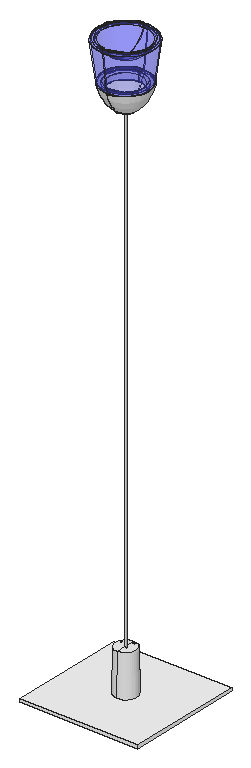
Revit family "BE_56567.1_de_DE", category Leuchten, Revit 2020
Family settings
  Basisbauteil = Fläche
  Bemaßung runder Anschluss = Durchmesser verwenden
  Teiletyp = Normal
  Beim Laden mit Abzugskörper schneiden = Ja
  Lichtquelle = Ja
  Gemeinsam genutzt = Nein
  Raumberechnungspunkt = Ja
Parameters (values of type "BEGA_56567.1_K3")
  built-in parameter 1150104 = 15.143 (stored number, unit not read)
  Wattage = 13.5 W
  Default Elevation = 0 mm
  built-in parameter 1150113 = 1 (stored number, unit not read)
  built-in parameter 1114218 = 1 (stored number, unit not read)
  Umgebungstemperatur = "25 °C"
  URL = "http://www.bega.de/de/produkt/56567.1"
  Typenkommentare = "© 2022 BEGA. Wir behalten uns das Recht vor, technische Änderungen ohne vorherige Ankündigung vorzunehmen."  # constant formula
  built-in parameter 1150134 = 12
  built-in parameter 1150109 = 1 (stored number, unit not read)
  Strom = ""
  built-in parameter 1150110 = 1 (stored number, unit not read)
  Spannung = 239.996 V
  Sonderanfertigung = no
  Seriennummer [instance] = "Hier können Sie die eindeutige Seriennummer für das Facility Management eintragen."
  Schutzklasse = "I"
  Schutzart = "IP 20"
  Scheinlast = 0 VA
  Produktdatenblatt = "http://www.bega.de/download/Xrfa/db/56567.1.db.de.pdf"
  Oberflächentemperatur = ""
  Neigungswinkel = 0.00°
  Model = "56567.1K4"
  Material_18 = BEGA_Gummi_schwarz
  Material_17 = BEGA_Reflektor
  Material_15 = BEGA_Leuchtmedium_matt
  Material_11 = BEGA_Glas_opal
  Material_10 = BEGA_Glas_matt
  Material_09 = BEGA_Glas_klar
  Material_06 = BEGA_Oberfläche_Edelstahl_gebürstet
  Material_05 = BEGA_Oberfläche_Aluminium Guss
  Material_03 = BEGA_Oberfläche_Weiss_matt
  Material_02 = BEGA_Oberfläche_Silber_matt
  Material_01 [instance] = BEGA_Oberfläche_Grafit_matt
  M_W = no
  M_G = no
  M_A = no
  Logo = 0
  built-in parameter 1114217 = 1 (stored number, unit not read)
  built-in parameter 1150139 = (empty or 0)
  built-in parameter 1150105 = 175.11 (stored number, unit not read)
  built-in parameter 1150114 = 1 (stored number, unit not read)
  Lumens = 2200.5 lm
  built-in parameter 1150115 = 1 (stored number, unit not read)
  Leuchtenlichtstrom = "1619 lm"
  Leuchtenanzahl = ""
  Lebensdauerkriterien = "L70B50 @ 25 °C = 500000 h"
  Lastklassifizierung = Beleuchtung
  built-in parameter 1150112 = 1 (stored number, unit not read)
  Lampenlichtstrom = "2200 lm"
  Lampe = "LED 13.5 W"
  LED_Modulbezeichnung = "LED-0328/940"
  Hersteller = "BEGA"  # constant formula
  Halbstreuwinkel = ""
  Gewicht = "2.5 kg"
  Gebrauchslageneinschränkung [instance] = ""
  Frequenz = "0/50-60 Hz"
  Farbwiedergabeindex = "CRI > 90"
  Farbtemperaturverschiebung bei Dämpfen der Lampe = <Keine Auswahl>
  Farbtemperatur = "4000 K"
  Color Filter = 16777215
  built-in parameter 1150133 = 10 (stored number, unit not read)
  Energieeffizienzklasse = "LED A++ - A"
  built-in parameter 1150137 = (empty or 0)
  built-in parameter 1150132 = (empty or 0)
  ENEC = "ja"
  Dimmbar [instance] = "DALI"
  Photometric Web File = "BE_56567.1K4.IES"
  CE_Konformität = "ja"
  Bestellnummer = "56567.1K4"
  Beschreibung_Sonderanfertigung = "Hier können Sie Informationen zur Sonderanfertigung eintragen."
  Beschreibung = "Pendelleuchte"
  built-in parameter 1150106 = 1.7511 (stored number, unit not read)
  Befestigungsbohrung = ""
  Befestigungsabstand = ""
  Ballwurfsicher = ""
  BEGA_Intern_aus = yes
  BEGA_Intern_an = yes
  BEGA_Intern_Konstruktion = yes
  BEGA_Intern = yes
  BEGA_IES = yes
  BEGA_Dummy = no
  Anschlussleitung = ""
  Anschlussleistung [instance] = "15.5 W"
  Anschlusskasten = ""
  built-in parameter 1150107 = 4000 (stored number, unit not read)
  built-in parameter 1150102 = (empty or 0)
  built-in parameter 1150138 = (empty or 0)
  Aktualisierung = "2019-07-09T04:00:12"
  Abstand_zur_angestrahlten_Fläche [instance] = ""
  AC/DC = "AC/DC"
Reference planes
  plane 1 "Mitte (Vorne/Hinten)": y = 0
  plane 2: z = 0
  plane 3 "Mitte (Links/Rechts)": x = 0
  plane 4 "Links": x = -97.5
  plane 5 "Rechts": x = 97.5
  plane 6 "Unten": y = -97.524
  plane 7 "Oben": y = 97.524
  plane 8 "Vorne": z = 2000
  plane 9 "Hinten": z = 0
Forms (mm)
  Extrusion 1, solid, material "BEGA_Platte_Weiss"
    sketch origin (0, -1119.2, 0) x (1, 0, 0) y (0, 1, 0)
      loop
        line (-200, 1319.2) -> (-200, 919.2) -> (200, 919.2) -> (200, 1319.2) -> (-200, 1319.2)
    from 0 to -10
  Extrusion 2, solid, material "BEGA_Dummy_matt", visible <- "BEGA_Dummy"
    sketch origin (77.149, -76.023, 0) x (1, 0, 0) y (0, 1, 0)
      loop
        circle (-77.149, 76.023) r 97.5
    from 0 to 2000
Dimensions and locks
  plane 1 "Mitte (Vorne/Hinten)" to Extrusion 1 = 200 mm
  aligned and locked: plane 2 to Extrusion 1
  aligned and locked: level to Extrusion 1
Nested families
  nested 1: "BE_56567.1" at (0, 0, 0), type "BE_56567.1"
Connectors
  electrical at (0, 0, 0), driven by "Lastklassifizierung", driven by "Spannung", driven by "Scheinlast"
    settings: index 1, voltage 239.996 V, apparent load 0 VA, apparent load phase1 0 VA, apparent load phase2 0 VA, apparent load phase3 0 VA, power factor 1, load classification "Beleuchtung", number of poles 1, system type 31, power factor state 1, is connector primary yes, connector utility no, sub classification motor no, connector description ""
Definition of nested family "BE_56567.1"
  Parameters (values of type "BE_56567.1")
    Default Elevation = 1 mm
    URL = "http://www.bega.de/de/produkt"
    Type Comments = "© 2015 BEGA. Wir behalten uns das Recht vor, technische Änderungen ohne vorherige Ankündigung vorzunehmen. "  # constant formula
    Type Image = (empty or 0)
    Neigungswinkel_um_Z2 = 0.00°
    Neigungswinkel_um_Z1 = 0.00°
    Neigungswinkel_um_Y2 = 0.00°
    Neigungswinkel_um_Y1 = 0.00°
    Neigungswinkel_um_X2 = 0.00°
    Neigungswinkel_um_X1 = 0.00°
    Material_18 = none
    Material_17 = none
    Material_15 = none
    Material_11 = none
    Material_10 = none
    Material_09 = none
    Material_06 = none
    Material_05 = none
    Material_03 = none
    Material_02 = none
    Material_01 = none
    M_W = yes
    M_G = yes
    M_A = yes
    Länge_Platte = 300 mm  # constant formula
    Höhe_Platte = -10 mm  # constant formula
    Manufacturer = "BEGA"  # constant formula
    Drehwinkel_um_Z2 = 0.00°
    Drehwinkel_um_Z1 = 0.00°
    Breite_Platte = 300 mm  # constant formula
  Reference planes
    plane 1 "Mitte (Oben/Unten)": y = 0
    plane 2: z = 0
    plane 3 "Mitte (Links/Rechts)": x = 0
    plane 4: z = 2000
    plane 5: y = 97.524
    plane 6: y = -97.524
    plane 7: x = -97.5
    plane 8: x = 97.5
  Forms (mm)
    Extrusion 1, solid, detail levels medium
      sketch origin (0, 0, 0) x (1, 0, 0) y (0, 1, 0)
        loop
          line (-150, 150) -> (-150, -150) -> (150, -150) -> (150, 150) -> (-150, 150)
      from 0 to -10 <- "Höhe_Platte"
    Revolve 2, solid, material <- "Material_03", detail levels medium+fine
      sketch origin (0, 0, 0) x (0, 1, 0) y (0, 0, 1)
        loop
          line (-36.248, 0.5) -> (-34, 0.5) -> (-34, 2.676) -> (-32.481, 2.729) -> (-31.3, 138.025)
          arc (-31.3, 138.025) -> (-30.705, 139.423) -> (-29.3, 140) r 2
          line (-29.3, 140) -> (0, 140) -> (0, 143.501)
          arc (0, 143.501) -> (-17.512, 143.245) -> (-35.009, 142.479) r 600
          line (-35.009, 142.479) -> (-36.248, 0.5)
        axis (0, 0.5) -> (0, 143.501)
      angle from 0 to 360
    Revolve 3, solid, material <- "Material_05", detail levels medium+fine
      sketch origin (0, 0, 0) x (0, 1, 0) y (0, 0, 1)
        loop
          line (-32.14, 2) -> (-32.175, 1) -> (-33.765, 1) -> (-33.8, 0) -> (0, 0) -> (0, 2) -> (-32.14, 2)
        axis (0, 0) -> (0, 2)
      angle from 0 to 360
    Extrusion 4, void
      sketch origin (0, 0, 0) x (1, 0, 0) y (0, 1, 0)
        loop
          arc (-9.887, 12.652) -> (-16.053, -0.003) -> (-9.876, -12.652) r 16.053
          line (-9.876, -12.652) -> (9.484, -12.652)
          arc (9.484, -12.652) -> (15.815, -0.003) -> (9.495, 12.652) r 15.815
          line (9.495, 12.652) -> (-9.887, 12.652)
        loop
          circle (-0.016, 25) r 2.25
        loop
          circle (-0.016, -25) r 2.25
      from 0 to 3.541
    Revolve 5, solid, material <- "Material_11", detail levels medium+fine
      sketch origin (0, 0, 0) x (0, 1, 0) y (0, 0, 1)
        loop
          arc (-80.779, 1864.497) -> (-80.433, 1863.938) -> (-79.821, 1863.698) r 1.04
          line (-79.821, 1863.698) -> (-65.895, 1862.968) -> (-61, 1837.468) -> (-56.5, 1837.468) -> (-56.5, 1860.345)
          arc (-56.5, 1860.345) -> (-58.424, 1865.16) -> (-63.134, 1867.33) r 7
          line (-63.134, 1867.33) -> (-77.199, 1868.067)
          arc (-77.199, 1868.067) -> (-88.353, 1930.209) -> (-93.187, 1993.159) r 625.636
          arc (-93.187, 1993.159) -> (-92.403, 1995.163) -> (-90.42, 1996) r 2.768
          line (-90.42, 1996) -> (-84.307, 1996)
          arc (-84.307, 1996) -> (-82.67, 1995.511) -> (-81.565, 1994.209) r 3
          arc (-81.565, 1994.209) -> (-48.693, 1955.478) -> (0, 1941) r 89.121
          line (0, 1941) -> (0, 1945)
          arc (0, 1945) -> (-46.508, 1958.828) -> (-77.904, 1995.821) r 85.121
          arc (-77.904, 1995.821) -> (-80.486, 1998.863) -> (-84.311, 2000) r 7
          line (-84.311, 2000) -> (-92.275, 2000)
          arc (-92.275, 2000) -> (-96.032, 1998.418) -> (-97.525, 1994.624) r 5.252
          arc (-97.525, 1994.624) -> (-92.549, 1929.124) -> (-80.779, 1864.497) r 629.936
        axis (0, 1837.468) -> (0, 2000)
      angle from 0 to 360
    Revolve 6, solid, material <- "Material_03", detail levels medium+fine
      sketch origin (0, 0, 0) x (0, 1, 0) y (0, 0, 1)
        loop
          line (0.025, 1775.9) -> (0.025, 1779.75)
          arc (0.025, 1779.75) -> (-21.17, 1783.699) -> (-39.04, 1795.761) r 53.013
          arc (-39.04, 1795.761) -> (-62.198, 1826.889) -> (-76.386, 1863) r 146.692
          line (-76.386, 1863) -> (-80.4, 1863)
          arc (-80.4, 1863) -> (-65.84, 1825.416) -> (-41.834, 1793.04) r 150.592
          arc (-41.834, 1793.04) -> (-24.398, 1780.841) -> (-3.7, 1775.9) r 56.913
          line (-3.7, 1775.9) -> (0.025, 1775.9)
        axis (0.025, 1775.9) -> (0.025, 1863)
      angle from 0 to 360
    Revolve 7, solid, material <- "Material_03", detail levels medium+fine
      sketch origin (0, 0, 0) x (0, 1, 0) y (0, 0, 1)
        loop
          line (-2.51, 118.995) -> (0, 118.995) -> (0, 1796.8) -> (-2.51, 1796.8) -> (-2.51, 118.995)
        axis (0, 1796.8) -> (0, 118.995)
      angle from 0 to 360
  Cuts and joins
    Extrusion 4 cuts Revolve 3
  Dimensions and locks
    equal spacing: Extrusion 1 sketch curve, plane 3 "Mitte (Links/Rechts)", Extrusion 1 sketch curve
    equal spacing: Extrusion 1 sketch curve, plane 1 "Mitte (Oben/Unten)", Extrusion 1 sketch curve
    "Länge_Platte": Extrusion 1 sketch curve to Extrusion 1 sketch curve
    "Breite_Platte": Extrusion 1 sketch curve to Extrusion 1 sketch curve
    aligned and locked: Extrusion 1 to plane 2
    aligned and locked: level to Extrusion 1
  Automatic sketch dimensions
    Revolve 3 sketch curve to plane 1 "Mitte (Oben/Unten)" = 0 mm  (x2)
    Revolve 3 sketch curve to level = 0 mm  (x2)
    plane 1 "Mitte (Oben/Unten)" to Revolve 3 sketch curve = 32.14 mm
    Revolve 3 sketch curve to Revolve 3 sketch curve = 2.125 mm
    Revolve 3 sketch curve to Revolve 3 sketch curve = 0.035 mm  (x2)
    Revolve 3 sketch curve to Revolve 3 sketch curve = 1.59 mm
    level to Revolve 3 sketch curve = 1 mm
    Revolve 3 sketch curve to Revolve 3 sketch curve = 2 mm
    Extrusion 4 sketch curve to Extrusion 4 sketch curve = 0 mm  (x2)
    Extrusion 4 sketch curve to plane 3 "Mitte (Links/Rechts)" = 0 mm
    Extrusion 4 sketch curve to plane 3 "Mitte (Links/Rechts)" = 0.016 mm  (x2)
    Extrusion 4 sketch curve to plane 3 "Mitte (Links/Rechts)" = 9.876 mm
    Extrusion 4 sketch curve to plane 3 "Mitte (Links/Rechts)" = 9.887 mm
    plane 3 "Mitte (Links/Rechts)" to Extrusion 4 sketch curve = 9.484 mm
    plane 1 "Mitte (Oben/Unten)" to Extrusion 4 sketch curve = 25 mm
    Extrusion 4 sketch curve to plane 1 "Mitte (Oben/Unten)" = 0.004 mm
    Extrusion 4 sketch curve to Extrusion 4 sketch curve = 12.348 mm
    plane 1 "Mitte (Oben/Unten)" to Extrusion 4 sketch curve = 12.652 mm
    Revolve 2 sketch curve to plane 1 "Mitte (Oben/Unten)" = 0 mm  (x2)
    plane 1 "Mitte (Oben/Unten)" to Revolve 2 sketch curve = 29.3 mm
    Revolve 2 sketch curve to Revolve 2 sketch curve = 2 mm
    level to Revolve 2 sketch curve = 2.729 mm
    plane 1 "Mitte (Oben/Unten)" to Revolve 2 sketch curve = 32.481 mm
    Revolve 2 sketch curve to Revolve 2 sketch curve = 1.52 mm
    Revolve 2 sketch curve to Revolve 2 sketch curve = 3.709 mm
    level to Revolve 2 sketch curve = 0.5 mm
    Revolve 2 sketch curve to Revolve 2 sketch curve = 2.248 mm
    Revolve 2 sketch curve to level = 456.499 mm
    Revolve 2 sketch curve to Revolve 2 sketch curve = 0.053 mm
    Revolve 2 sketch curve to Revolve 2 sketch curve = 135.271 mm
    Revolve 2 sketch curve to Revolve 2 sketch curve = 0.025 mm
    Revolve 2 sketch curve to Revolve 2 sketch curve = 0 mm  (x4)
    Revolve 2 sketch curve to Revolve 2 sketch curve = 4.454 mm
    Revolve 2 sketch curve to Revolve 2 sketch curve = 46.562 mm
    plane 1 "Mitte (Oben/Unten)" to Revolve 6 sketch curve = 1.065 mm
    plane 1 "Mitte (Oben/Unten)" to Revolve 6 sketch curve = 3.7 mm
    Revolve 6 sketch curve to Revolve 6 sketch curve = 0 mm  (x8)
    Revolve 6 sketch curve to plane 1 "Mitte (Oben/Unten)" = 0.025 mm  (x2)
    Revolve 6 sketch curve to Revolve 6 sketch curve = 3.85 mm  (x2)
    Revolve 6 sketch curve to Revolve 6 sketch curve = 2.794 mm  (x2)
    Revolve 6 sketch curve to Revolve 6 sketch curve = 4.014 mm
    Revolve 6 sketch curve to Revolve 6 sketch curve = 2.721 mm
    Revolve 7 sketch curve to plane 1 "Mitte (Oben/Unten)" = 0 mm  (x2)
    Revolve 7 sketch curve to Revolve 7 sketch curve = 2.51 mm
    level to Revolve 7 sketch curve = 118.995 mm
    Revolve 7 sketch curve to Revolve 7 sketch curve = 50 mm
    plane 1 "Mitte (Oben/Unten)" to Revolve 6 sketch curve = 76.386 mm
    plane 4 to Revolve 6 sketch curve = 224.1 mm
    plane 4 to Revolve 7 sketch curve = 203.2 mm
    Revolve 7 sketch curve to Revolve 7 sketch curve = 502.805 mm
    Revolve 5 sketch curve to Revolve 5 sketch curve = 0 mm  (x12)
    Revolve 5 sketch curve to plane 1 "Mitte (Oben/Unten)" = 0 mm  (x2)
    plane 1 "Mitte (Oben/Unten)" to Revolve 5 sketch curve = 0 mm
    Revolve 5 sketch curve to Revolve 5 sketch curve = 4.5 mm
    Revolve 5 sketch curve to Revolve 5 sketch curve = 7 mm
    Revolve 5 sketch curve to Revolve 5 sketch curve = 2.395 mm
    Revolve 5 sketch curve to Revolve 5 sketch curve = 11.304 mm
    Revolve 5 sketch curve to Revolve 5 sketch curve = 2.568 mm
    Revolve 5 sketch curve to Revolve 5 sketch curve = 0.054 mm
    plane 4 to Revolve 5 sketch curve = 4 mm
    Revolve 5 sketch curve to Revolve 5 sketch curve = 0.004 mm
    Revolve 5 sketch curve to Revolve 5 sketch curve = 6.109 mm
    Revolve 5 sketch curve to plane 4 = 0 mm
    Revolve 5 sketch curve to Revolve 5 sketch curve = 1.855 mm
    Revolve 5 sketch curve to plane 4 = 9.529 mm
    Revolve 5 sketch curve to Revolve 5 sketch curve = 1.252 mm
    Revolve 5 sketch curve to Revolve 5 sketch curve = 1.516 mm
    Revolve 5 sketch curve to Revolve 5 sketch curve = 3 mm
    plane 4 to Revolve 5 sketch curve = 55 mm
    Revolve 5 sketch curve to Revolve 5 sketch curve = 4 mm
    Revolve 5 sketch curve to Revolve 5 sketch curve = 72.933 mm
    Revolve 5 sketch curve to Revolve 5 sketch curve = 3.33 mm
    Revolve 5 sketch curve to Revolve 5 sketch curve = 1.039 mm
    Revolve 5 sketch curve to Revolve 5 sketch curve = 5.099 mm
    Revolve 5 sketch curve to Revolve 5 sketch curve = 2.624 mm
    Revolve 5 sketch curve to Revolve 5 sketch curve = 2.629 mm
    Revolve 5 sketch curve to Revolve 5 sketch curve = 22.871 mm
    Revolve 5 sketch curve to plane 4 = 30.121 mm
    Revolve 5 sketch curve to Revolve 5 sketch curve = 2.762 mm
    plane 4 to Revolve 5 sketch curve = 4.179 mm
    Revolve 5 sketch curve to Revolve 5 sketch curve = 2.746 mm
    Revolve 5 sketch curve to Revolve 5 sketch curve = 21 mm
    Revolve 5 sketch curve to plane 1 "Mitte (Oben/Unten)" = 532.234 mm
    Revolve 5 sketch curve to plane 6 = 17.758 mm
    Revolve 5 sketch curve to Revolve 5 sketch curve = 6.402 mm
    radius of Extrusion 4 sketch curve = 2.25 mm  (x2)
